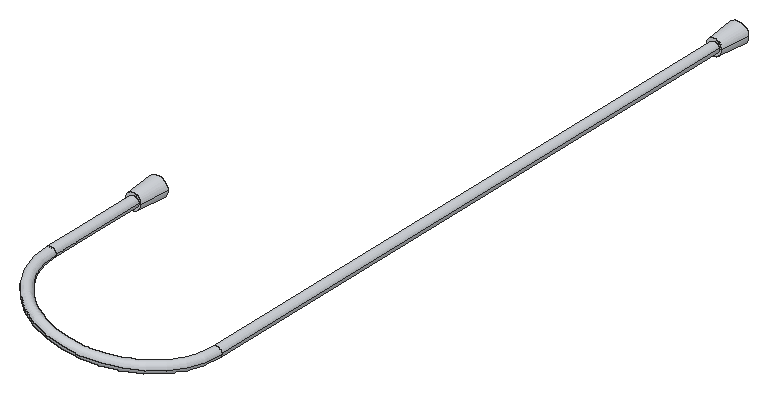
Revit family "Shower-Shower_Hose-KOHLER-Awaken-K-98360", category Plumbing Fixtures, host Face, Revit 2017
Family settings
  Host = Face
  Round Connector Dimension = Use Diameter
  Part Type = Normal
  OmniClass Number = 23.31.17.00
  OmniClass Title = Showers
  Cut with Voids When Loaded = No
  Shared = No
  Room Calculation Point = No
Parameters (values of type "CP-Polished Chrome")
  Width = 1/2"  # constant formula
  WaterSense Certified = 1 = 0  # no
  Waste Water Outlet = "Waste Water Outlet"  # constant formula
  Waste Connection = 1 = 0  # no
  Vent Connection = 1 = 0  # no
  URL = "https://www.us.kohler.com/us/"
  Type = 1
  Tempered Water Supply2 = "Tempered Water Supply2"  # constant formula
  Tempered Water Supply1 = "Tempered Water Supply1"  # constant formula
  Product Page URL = "https://www.us.kohler.com/us/catalog/productDetails.jsp?productNumber=98360"
  Product Name = "Awaken"  # constant formula
  Product Documentation Link = "https://www.us.kohler.com/webassets/kpna/catalog/pdf/en/K-98360_spec.pdf"
  Model = if(Type = 1, "K-98360-CP", if(Type = 2, "K-98360-SN", if(Type = 3, "K-98360-BN", if(Type = 4, "K-98360-BV", if(Type = 5, "K-98360-2BZ", "NA")))))  # "K-98360-CP"
  Material = "Premium Metal"  # constant formula
  MasterFormat 2004 = "22.41.23"  # constant formula
  MasterFormat 1995 = "15410"  # constant formula
  Manufacturer Address = "444 Highland Dr, Kohler, WI 53044"  # constant formula
  Manufacturer = "KOHLER Co."  # constant formula
  Length = 72"  # constant formula
  Hot Water Inlet = "Hot Water Inlet"  # constant formula
  Height = Length  # 72"
  HW Connection = 1 = 1  # yes
  Finish = Kohler-Metal-CP-Polished_Chrome
  Environmental Product Declaration = ""
  Drain Included = 1 = 0  # no
  Distance Between Connectors [instance] = 8"
  Description = "72inch smooth shower hose"  # constant formula
  Default Elevation = 15"
  Declare Label = ""
  Date Modified = "04/15/2020"  # constant formula
  Date Created = "04/15/2020"  # constant formula
  Copyright = "Copyright KOHLER Co."  # constant formula
  Contact Us = "https://www.us.kohler.com/us/static/contact.jsp"
  Connector1 Distance From Wall [instance] = 4"
  Connector2 Distance From Wall [instance] = 5 1/2"
  Connector 2 Length [instance] = 5"
  Connector 1 Length [instance] = 30"
  Cold Water Inlet = "Cold Water Inlet"  # constant formula
  CW Connection = 1 = 0  # no
  Assembly Code = "D2010700"
  ADA Compliant = 1 = 1  # yes
Types (6): name | Type | Model | Finish | Connector 2 Length | Connector 1 Length
  (no name) | 1 | "K-98360-CP" | Kohler-Metal-CP-Polished_Chrome | 5" | 30"
  CP-Polished Chrome | 1 | "K-98360-CP" | Kohler-Metal-CP-Polished_Chrome | 5" | 30"
  SN-Vibrant Polished Nickel | 2 | "K-98360-SN" | Kohler-Metal-SN-Vibrant_Polished_Nickel | 15" | 20"
  BN-Vibrant Brushed Nickel | 3 | "K-98360-BN" | Kohler-Metal-BN-Vibrant_Brushed_Nickel | 15" | 20"
  BV-Vibrant Brushed Bronze | 4 | "K-98360-BV" | Kohler-Metal-BV-Brushed_Bronze | 15" | 20"
  2BZ-Oil-Rubbed Bronze | 5 | "K-98360-2BZ" | Kohler-Metal-2BZ-Oil_Rubbed_Bronze | 15" | 20"
Reference planes (in)
  plane 1 "Center (Front/Back)": y = 0
  plane 2: z = 0
  plane 3 "Center (Left/Right)": x = 0
  plane 4: x = -8
  plane 5: y = 5
  plane 6: y = 30
  plane 7: y = 31.4375
  plane 8: y = 6.4375
  plane 9: z = 5.5
  plane 10: z = 4
  plane 11: x = -4
Dimensions and locks (in)
  "Connector 2 Length": plane 1 "Center (Front/Back)" to plane 5
  "Connector 1 Length": plane 1 "Center (Front/Back)" to plane 6
  "Distance Between Connectors": plane 4 to plane 3 "Center (Left/Right)"
  locked: plane 6 to plane 7 at 1.4375
  locked: plane 5 to plane 8 at 1.4375
  "Connector2 Distance From Wall": plane 9 to level
  "Connector1 Distance From Wall": plane 10 to level
  equal spacing: plane 4, plane 11, plane 3 "Center (Left/Right)"
  aligned and locked: plane 2 to host face
  aligned and locked: level to host face
Automatic sketch dimensions
  host sketch curve to host sketch curve = 96"  (x2)
Nested families (in)
  nested 1: "K-98360" at (0, 0, 0), Connector Length1 <- "Connector 1 Length", Connector Length2 <- "Connector 2 Length", Dist Between Connector <- "Distance Between Connectors", Dist Form Wall1 <- "Connector2 Distance From Wall", Dist Form Wall2 <- "Connector1 Distance From Wall", type "K-98360"
    with Dist Form Wall2 4", Dist Form Wall1 5 1/2", Dist Between Connector 8", Connector Length2 5", Connector Length1 30"
Connectors (in)
  piping at (0, 31.4375, 4), diameter 0.5, driven by "HW Connection", driven by "Tempered Water Supply1"
    settings: on nested 1, index 1, connector inside diameter 24", connector length 0", flow factor 0, pipe flow 0 GPM, pressure drop 0.00 psi, fitting loss kfactor 0, connector angle 0.00°, fixture units 0, engagement length 0", angle of deflection 0.00°, flow configuration 0, flow direction 0, fitting loss method 0, system type 19, joint type 0, gender type 0, connector reference index -1, connector utility 1, adjustable connector no, is connector primary yes, connector description "Tempered Water Supply1"
  piping at (-8, 6.4375, 5.5), diameter 0.5, driven by "HW Connection", driven by "Tempered Water Supply2"
    settings: on nested 1, index 2, connector inside diameter 24", connector length 0", flow factor 0, pipe flow 0 GPM, pressure drop 0.00 psi, fitting loss kfactor 0, connector angle 0.00°, fixture units 0, engagement length 0", angle of deflection 0.00°, flow configuration 0, flow direction 0, fitting loss method 0, system type 19, joint type 0, gender type 0, connector reference index -1, connector utility 1, adjustable connector no, is connector primary no, connector description "Tempered Water Supply2"
Definition of nested family "K-98360"
  Parameters (values of type "K-98359")
    Material = none
    Hose = yes
    Dist Form Wall2 [instance] = 5 1/2"
    Dist Form Wall1 [instance] = 4"
    Dist Between Connector [instance] = 6"
    Connector Length2 [instance] = 12"
    Connector Length1 [instance] = 15"
  Reference planes (in)
    plane 1 "Center (Front/Back)": y = 0
    plane 2: z = 0
    plane 3 "Center (Left/Right)": x = 0
    plane 4: y = 12
    plane 5: y = 15
    plane 6: x = -6
    plane 7 "D1": z = 4
    plane 8 "D2": z = 5.5
  Forms (in)
    Revolve 1, solid, material <- "Material"
      sketch origin (0, 0, 4) x (-1, 0, 0) y (0, -1, 0)
        loop
          line (5.625, -12) -> (5.5, -13.4375) -> (6, -13.4375) -> (6, -12) -> (5.625, -12)
        axis (6, -13.4375) -> (6, -12)
      angle from 0 to 360
    Revolve 2, solid, material <- "Material"
      sketch origin (0, 0, 5.5) x (-1, 0, 0) y (0, -1, 0)
        loop
          line (-0.375, -15) -> (-0.5, -16.4375) -> (0, -16.4375) -> (0, -15) -> (-0.375, -15)
        axis (0, -16.4375) -> (0, -15)
      angle from 0 to 360
    Sweep 3, solid, material <- "Material"
      path origin (0, 0, 4) x (-1, 0, 0) y (0, -1, 0)
        loop
          line (6, -12) -> (6, 0)
      profile origin (-6, 6, 4) x (1, 0, 0) y (0, 0, 1)
        loop
          circle (0, 0) r 0.25
    Sweep 4, solid, material <- "Material"
      path origin (0, 0, 5.5) x (-1, 0, 0) y (0, -1, 0)
        loop
          line (0, -15) -> (0, 0)
      profile origin (0, 7.5, 5.5) x (1, 0, 0) y (0, 0, 1)
        loop
          circle (0, 0) r 0.25
    Sweep 5, solid, material <- "Material"
      path origin (0, 0, 5.5) x (-0.970143, 0, -0.242536) y (0, -1, 0)
        loop
          arc (6.18466, 0) -> (3.09233, 3.09233) -> (0, 0) r 3.09233
      profile origin (0, 0, 5.5) x (-0.970143, 0, -0.242536) y (-0.242536, 0, 0.970143)
        loop
          circle (0, 0) r 0.25
  Cuts and joins
    joined: Revolve 1, Revolve 2, Sweep 3, Sweep 4, Sweep 5
  Lines and regions (in)
    reference lines
      curve 1: line (0, 0, 5.5) -> (-6, 0, 4)
  Dimensions and locks (in)
    "Connector Length2": plane 1 "Center (Front/Back)" to plane 4
    "Connector Length1": plane 5 to plane 1 "Center (Front/Back)"
    "Dist Between Connector": plane 6 to plane 3 "Center (Left/Right)"
    locked: plane 6 to Revolve 1 sketch curve at 0.375
    locked: plane 3 "Center (Left/Right)" to Revolve 2 sketch curve at 0.5
    locked: plane 3 "Center (Left/Right)" to Revolve 2 sketch curve at 0.375
    "Dist Form Wall1": plane 7 "D1" to level
    "Dist Form Wall2": plane 8 "D2" to level
    locked: Revolve 2 sketch curve to Revolve 2 sketch curve at 1.4375
    locked: Revolve 1 sketch curve to Revolve 1 sketch curve at 1.4375
    locked: plane 6 to Revolve 1 sketch curve at 0.5
    aligned and locked: plane 2 to level
    aligned and locked: Revolve 1 sketch curve to plane 6
    aligned and locked: plane 6 to Revolve 1 sketch curve
    aligned and locked: Revolve 1 sketch curve to plane 4
    aligned and locked: plane 3 "Center (Left/Right)" to Revolve 2 sketch curve
    aligned and locked: Revolve 2 sketch curve to plane 3 "Center (Left/Right)"
    aligned and locked: plane 5 to Revolve 2 sketch curve
    aligned and locked: plane 6 to Sweep 3 sketch curve
    aligned and locked: plane 4 to Sweep 3 sketch curve
    aligned and locked: plane 1 "Center (Front/Back)" to Sweep 3 sketch curve
    aligned and locked: Sweep 4 sketch curve to plane 3 "Center (Left/Right)"
    aligned and locked: plane 5 to Sweep 4 sketch curve
    aligned and locked: plane 1 "Center (Front/Back)" to Sweep 4 sketch curve
    aligned and locked: plane 8 "D2" to curve 1
    aligned and locked: plane 3 "Center (Left/Right)" to curve 1
    aligned and locked: plane 6 to curve 1
    aligned and locked: plane 7 "D1" to curve 1
    aligned and locked: Sweep 5 sketch curve to Sweep 4
  Automatic sketch dimensions
    Sweep 3 sketch curve to plane 7 "D1" = 0"
    profile plane to Sweep 3 sketch curve = 0"
    Sweep 4 sketch curve to plane 8 "D2" = 0"
    profile plane to Sweep 4 sketch curve = 0"
    Sweep 5 sketch curve to curve 1 = 0"  (x3)
    Revolve 1 sketch curve to Revolve 1 sketch curve = 0.45153"
    plane 4 to Revolve 1 sketch curve = 0.13902"
    plane 5 to Revolve 2 sketch curve = 0.45153"
    Revolve 2 sketch curve to plane 5 = 0.13902"
    radius of Sweep 3 sketch curve = 1/4"
    radius of Sweep 4 sketch curve = 1/4"
